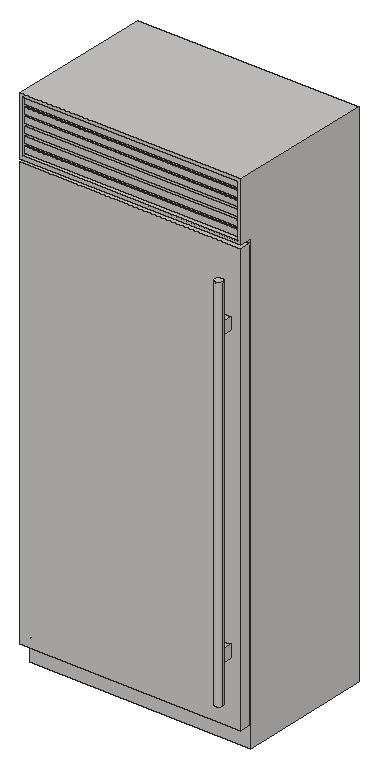
Revit family "a1c4055cb91445f28131193d1fd2c4a2", category Specialty Equipment, Revit 2021
Family settings
  Round Connector Dimension = Use Diameter
  Part Type = Normal
  OmniClass Number = 23.40.40.14
  OmniClass Title = Food Service Equipment
  Work Plane-Based = No
  Always vertical = Yes
  Cut with Voids When Loaded = No
  Shared = No
  Room Calculation Point = No
Parameters (values of type "36" LH")
  Width = 3' - 0"
  Wall Offset = 0' - 4"
  Voltage = 120 V
  Type Comments = ""
  Show Label = yes
  RH = no
  Power Consumption = 1000 VA
  Label = "Freezer"
  LH = not(RH)  # yes
  Height = 7' - 0"
  Handle Centerline = if(RH, 0' 2", (Width - 0' 2"))  # 2' - 10"
  Gasket = Appliance - Gasket
  Description = "Stainless Steel Door Freezer"
  Depth = 2' - 0"
  Default Elevation = 0' - 0"
  Assembly Code = "E1090320"
  Appliance Finish = Appliance - Stainless Steel
  Amperage = Power Consumption / Voltage  # 8.33333 A
Types (2): name | RH | LH | Handle Centerline
  36" LH | no | yes | 2' - 10"
  36" RH | yes | no | 0' - 2"
Reference planes (in)
  plane 1 "Back": y = 0
  plane 2: z = 0
  plane 3 "Center (Left/Right)": x = 0
  plane 4 "Left": x = -18
  plane 5 "Right": x = 18
  plane 6: y = -4
  plane 7 "Front": y = -28
  plane 8 "Door Back": y = -26
  plane 9 "Top": z = 84
  plane 10 "B.O. Door": z = 3.5
  plane 11: z = 74.375
  plane 12: x = 16
  plane 13: z = 69.375
  plane 14: z = 7.5
Forms (in)
  Extrusion 1, solid, material "Appliance - Stainless Steel" <- "Appliance Finish"
    sketch origin (0, 0, 0) x (1, 0, 0) y (0, 1, 0)
      loop
        line (-18, -4) -> (-18, -26) -> (18, -26) -> (18, -4) -> (-18, -4)
    from 0 to 84
  Extrusion 2, solid, material "Appliance - Stainless Steel" <- "Appliance Finish"
    sketch origin (0, -28, 0) x (-1, 0, 0) y (0, 0, 1)
      loop
        line (18, 84) -> (-18, 84) -> (-18, 74.375) -> (18, 74.375) -> (18, 84)
      loop
        line (17.5, 83.5) -> (-17.5, 83.5) -> (-17.5, 74.875) -> (17.5, 74.875) -> (17.5, 83.5)
    from 0 to 2
  Extrusion 3, solid, material "Appliance - Stainless Steel" <- "Appliance Finish"
    sketch origin (0, 0, 0) x (0, 1, 0) y (0, 0, 1)
      loop
        line (-26, 75.00892) -> (-27.75, 75.47783) -> (-27.75, 76.3774) -> (-27.875, 76.3774) -> (-27.875, 75.3774) -> (-26, 74.875) -> (-26, 75.00892)
      loop
        line (-26, 76.43344) -> (-27.75, 76.90235) -> (-27.75, 77.80192) -> (-27.875, 77.80192) -> (-27.875, 76.80192) -> (-26, 76.29952) -> (-26, 76.43344)
      loop
        line (-26, 77.85796) -> (-27.75, 78.32687) -> (-27.75, 79.22644) -> (-27.875, 79.22644) -> (-27.875, 78.22644) -> (-26, 77.72404) -> (-26, 77.85796)
      loop
        line (-26, 79.28248) -> (-27.75, 79.75139) -> (-27.75, 80.65096) -> (-27.875, 80.65096) -> (-27.875, 79.65096) -> (-26, 79.14856) -> (-26, 79.28248)
      loop
        line (-26, 80.707) -> (-27.75, 81.17591) -> (-27.75, 82.07548) -> (-27.875, 82.07548) -> (-27.875, 81.07548) -> (-26, 80.57308) -> (-26, 80.707)
      loop
        line (-26, 82.13151) -> (-27.75, 82.60043) -> (-27.75, 83.5) -> (-27.875, 83.5) -> (-27.875, 82.5) -> (-26, 81.9976) -> (-26, 82.13151)
    from -17.5 to 17.5
  Extrusion 4, solid, material "Appliance - Stainless Steel" <- "Appliance Finish", detail levels fine
    sketch origin (0, -28, 0) x (-1, 0, 0) y (0, 0, 1)
      loop
        line (-15.625, 63.375) -> (-16.375, 63.375) -> (-16.375, 61.375) -> (-15.625, 61.375) -> (-15.625, 63.375)
      loop
        line (-15.625, 15.5) -> (-16.375, 15.5) -> (-16.375, 13.5) -> (-15.625, 13.5) -> (-15.625, 15.5)
    from -1.67554 to 0
  Extrusion 5, solid, material "Appliance - Stainless Steel" <- "Appliance Finish", detail levels fine
    sketch origin (0, 0, 0) x (1, 0, 0) y (0, 1, 0)
      loop
        circle (16, -30.01473) r 0.625
    from 7.5 to 69.375
  Extrusion 6, solid, material "Appliance - Stainless Steel" <- "Appliance Finish"
    sketch origin (0, -28, 0) x (-1, 0, 0) y (0, 0, 1)
      loop
        line (18, 73.875) -> (-18, 73.875) -> (-18, 3.5) -> (18, 3.5) -> (18, 73.875)
    from 0 to 1.75
  Sweep 7, solid, material "Appliance - Gasket" <- "Gasket", detail levels fine
    path in 3D
      loop
        line (-18, -28, 73.875) -> (-18, -28, 3.5) -> (18, -28, 3.5) -> (18, -28, 73.875) -> (-18, -28, 73.875)
    profile origin (0, -28, 73.875) x (0, -1, 0) y (0, 0, 1)
      loop
        line (-2, -0.125) -> (-2, -0.25) -> (-1.75, -0.25) -> (-1.75, -0.125)
        arc (-1.75, -0.125) -> (-1.875, 0) -> (-2, -0.125) r 0.125
Cuts and joins
  joined: Extrusion 1, Extrusion 2
  joined: Extrusion 4, Extrusion 5
Lines and regions (in)
  Split face 1
    outline origin (-18, -4, 0) x (1, 0, 0) y (0, 0, -1)
      loop
        circle (30, -78) r 2
  Split face 2
    outline origin (-18, -4, 0) x (1, 0, 0) y (0, 0, -1)
      loop
        circle (18, -3.5) r 2
  Masking region 1
    outline origin (0, 0, 0) x (1, 0, 0) y (0, 1, 0)
      loop
        line (-18, -4) -> (-18, -28) -> (18, -28) -> (18, -4) -> (-18, -4)
  Masking region 2, detail levels fine
    outline origin (0, 0, 0) x (1, 0, 0) y (0, 1, 0)
      loop
        line (16.375, -29.51473) -> (16.375, -28) -> (15.625, -28) -> (15.625, -29.51473)
        arc (15.625, -29.51473) -> (15.44098, -29.73522) -> (15.375, -30.01473) r 0.625
        arc (15.375, -30.01473) -> (16, -30.63973) -> (16.625, -30.01473) r 0.625
        arc (16.625, -30.01473) -> (16.55902, -29.73522) -> (16.375, -29.51473) r 0.625
  symbolic lines, style "Appliances - Plan Swing", visible <- "LH", detail levels medium+fine
    curve 1: arc (18, -28, 0) -> (7.45584, -53.45584, 0) -> (-18, -64, 0) r 36
    curve 2: line (-18, -28, 0) -> (-18, -64, 0)
  symbolic lines, style "Appliances - Plan Swing", visible <- "RH", detail levels medium+fine
    curve 3: arc (-18, -28, 0) -> (-7.45584, -53.45584, 0) -> (18, -64, 0) r 36
    curve 4: line (18, -64, 0) -> (18, -28, 0)
  sketch lines
    curve 5: line (18, -28, 73.875) -> (-18, -28, 73.875)
    curve 6: line (18, -28, 3.5) -> (18, -28, 73.875)
    curve 7: line (-18, -28, 3.5) -> (18, -28, 3.5)
    curve 8: line (-18, -28, 73.875) -> (-18, -28, 3.5)
  symbolic lines, style "Appliances"
    curve 9: line (-18, -4, 0) -> (18, -4, 0)
    curve 10: line (-18, -28, 0) -> (-18, -4, 0)
    curve 11: line (18, -28, 0) -> (-18, -28, 0)
    curve 12: line (18, -4, 0) -> (18, -28, 0)
    curve 13: line (-18, -26, 0) -> (18, -26, 0)
  symbolic lines, style "Appliances", detail levels fine
    curve 14: arc (16.625, -30.01473, 0) -> (16, -29.38973, 0) -> (15.375, -30.01473, 0) r 0.625
    curve 15: arc (15.375, -30.01473, 0) -> (16, -30.63973, 0) -> (16.625, -30.01473, 0) r 0.625
    curve 16: line (16.375, -29.51473, 0) -> (16.375, -28, 0)
    curve 17: line (15.625, -28, 0) -> (15.625, -29.51473, 0)
Dimensions and locks (in)
  equal spacing: plane 4 "Left", plane 3 "Center (Left/Right)", plane 5 "Right"
  "Width": plane 4 "Left" to plane 5 "Right"
  "Depth": plane 6 to plane 7 "Front"
  "Wall Offset": plane 1 "Back" to plane 6
  "Height": plane 9 "Top" to level
  plane 10 "B.O. Door" to level = 0' - 3 1/2"
  locked: plane 8 "Door Back" to plane 7 "Front" at 2
  locked: plane 9 "Top" to plane 11 at 9.625
  locked: cut or joined group of Extrusion 1, Extrusion 2 to plane 4 "Left" at 0.5
  locked: plane 5 "Right" to cut or joined group of Extrusion 1, Extrusion 2 at 0.5
  locked: plane 11 to plane 13 at 5
  plane 14 to plane 10 "B.O. Door" = 0' - 4"
  Extrusion 4 sketch curve to plane 12 to Extrusion 4 sketch curve = 0' - 0 3/8" locked, 0' - 0 3/8" locked  (x2)
  plane 13 to Extrusion 4 sketch curve to Extrusion 4 sketch curve = 0' - 6" locked, 0' - 2" locked
  Extrusion 4 sketch curve to Extrusion 4 sketch curve to plane 14 = 0' - 2" locked, 0' - 6" locked
  locked: plane 7 "Front" to Extrusion 5 sketch curve at 2.01473
  locked: Split face 1 sketch curve to plane 9 "Top" at 6
  locked: plane 5 "Right" to Split face 1 sketch curve at 6
  "Handle Centerline": plane 4 "Left" to plane 12
  locked: plane 11 to Extrusion 6 sketch curve at 0.5
  locked: plane 11 to Sweep 7 sketch curve at 0.75
  equal spacing: plane 6, nested 1, plane 8 "Door Back"
  "Width": radius of curve 3
  "Width": radius of curve 1
  aligned and locked: plane 2 to level
  aligned and locked: Extrusion 1 sketch curve to plane 6
  aligned and locked: plane 4 "Left" to Extrusion 1 sketch curve
  aligned and locked: plane 8 "Door Back" to Extrusion 1 sketch curve
  aligned and locked: Extrusion 1 sketch curve to plane 5 "Right"
  aligned and locked: plane 9 "Top" to Extrusion 1
  aligned and locked: Extrusion 2 sketch curve to Extrusion 1  (x2)
  aligned and locked: plane 11 to Extrusion 2 sketch curve
  aligned and locked: Extrusion 2 sketch curve to plane 5 "Right"
  aligned and locked: plane 8 "Door Back" to Extrusion 2
  aligned and locked: Extrusion 3 to Extrusion 2  (x2)
  aligned and locked: plane 7 "Front" to Extrusion 4
  aligned and locked: plane 12 to Extrusion 5 sketch curve
  aligned and locked: Extrusion 5 to plane 14
  aligned and locked: plane 13 to Extrusion 5
  aligned and locked: plane 3 "Center (Left/Right)" to Split face 2 sketch curve
  aligned and locked: plane 10 "B.O. Door" to Split face 2 sketch curve
  aligned and locked: plane 13 to cut or joined group of Extrusion 4, Extrusion 5
  aligned and locked: plane 4 "Left" to Extrusion 6 sketch curve
  aligned and locked: Extrusion 6 sketch curve to plane 5 "Right"
  aligned and locked: plane 10 "B.O. Door" to Extrusion 6 sketch curve
  aligned and locked: plane 3 "Center (Left/Right)" to nested 1
  aligned and locked: Masking region 1 sketch curve to plane 5 "Right"
  aligned and locked: Masking region 1 sketch curve to plane 6
  aligned and locked: plane 4 "Left" to Masking region 1 sketch curve
  aligned and locked: plane 7 "Front" to Masking region 1 sketch curve
  aligned and locked: Masking region 2 sketch curve to cut or joined group of Extrusion 4, Extrusion 5  (x5)
  aligned and locked: Masking region 2 sketch curve to plane 7 "Front"
Automatic sketch dimensions
  Extrusion 2 sketch curve to plane 5 "Right" = 0' - 0 1/2"
  plane 4 "Left" to Extrusion 2 sketch curve = 0' - 0 1/2"
  plane 11 to Extrusion 2 sketch curve = 0' - 0 1/2"
  Extrusion 2 sketch curve to plane 9 "Top" = 0' - 0 1/2"
  Extrusion 3 sketch curve to plane 8 "Door Back" = 0' - 0"  (x6)
  plane 7 "Front" to Extrusion 3 sketch curve = 0' - 0 1/4"  (x6)
  Extrusion 3 sketch curve to Extrusion 3 sketch curve = 0' - 0 1/8"  (x2)
  plane 7 "Front" to Extrusion 3 sketch curve = 0' - 0 1/8"  (x4)
  plane 11 to Extrusion 3 sketch curve = 0' - 0 1/2"
  Extrusion 3 sketch curve to Extrusion 3 sketch curve = 0' - 0.13392"  (x6)
  plane 11 to Extrusion 3 sketch curve = 0' - 1.0024"
  Extrusion 3 sketch curve to Extrusion 3 sketch curve = 0' - 0.10043"  (x6)
  Extrusion 3 sketch curve to Extrusion 3 sketch curve = 0' - 1.2906"  (x5)
  Extrusion 3 sketch curve to Extrusion 3 sketch curve = 0' - 0.89957"  (x5)
  Extrusion 3 sketch curve to Extrusion 3 sketch curve = 0' - 0.42452"  (x5)
  Extrusion 3 sketch curve to plane 9 "Top" = 0' - 0 1/2"
  Sweep 7 sketch curve to Sweep 7 sketch curve = 0' - 0 1/8"
  Sweep 7 sketch curve to profile plane = 0' - 0 1/8"
  profile plane to Sweep 7 sketch curve = 0' - 2"
  curve 1 to plane 4 "Left" = 0' - 0"
  curve 17 to plane 7 "Front" = 0' - 0"
  curve 15 to plane 12 = 0' - 0"
  curve 13 to plane 8 "Door Back" = 0' - 0"
  curve 9 to plane 6 = 0' - 0"
  curve 15 to plane 7 "Front" = 0' - 2.01473"
  curve 15 to plane 12 = 0' - 0 5/8"
  curve 17 to plane 12 = 0' - 0 3/8"
  plane 12 to curve 16 = 0' - 0 3/8"
  radius of Extrusion 5 sketch curve = 0' - 0 5/8"
  radius of Split face 1 sketch curve = 0' - 2"
  radius of Split face 2 sketch curve = 0' - 2"
Nested families (in)
  nested 1: "Label Annotation 3-32" at (0, -15, 0), visible <- "Show Label", type "Label Annotation 3-32"
Connectors (in)
  electrical at (12, -4, 78), driven by "Voltage", driven by "Power Consumption"
    settings: on Extrusion 1, index 1, voltage 120 V, apparent load 1000 VA, apparent load phase1 0 VA, apparent load phase2 0 VA, apparent load phase3 0 VA, power factor 1, load classification "Appliance", number of poles 1, system type 30, power factor state 1, is connector primary yes, connector utility no, sub classification motor no, connector description "Refrigerator Power"
  piping at (0, -4, 3.5), diameter 0.25
    settings: on Extrusion 1, index 2, connector inside diameter 24", connector length 0' - 0", flow factor 0, pipe flow 0 GPM, pressure drop 0.00 psi, fitting loss kfactor 0, connector angle 0.00°, fixture units 1, engagement length 0' - 0", angle of deflection 0.00°, flow configuration 3, flow direction 1, fitting loss method 0, system type 20, joint type 0, gender type 0, connector reference index -1, connector utility 0, adjustable connector no, is connector primary yes, connector description "Ice - Water Supply"
Definition of nested family "Label Annotation 3-32"
  Parameters
    Label = "Freezer 36 LH"
  Reference planes (in)
    plane 1: y = 0
    plane 2: x = 0
  Text (in)
    label "Label" at (0.00375, -0.00345, 0), shows "Label"
